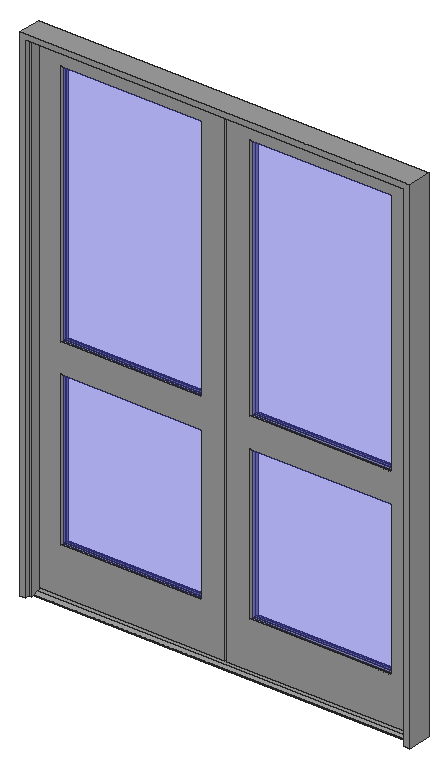
Revit family "MS-375 DOOR-Double-1-CW_v04", category Curtain Panels, Revit 2015 (continued)
Definition of nested family "MS-375 DOOR-Double-1-Panel_v03"
  Definition of nested family "MS-375 DOOR-Double-1-Section_v02"
    Definition of nested family "4 MUNTIN-DI"
      Lines and regions (in)
        detail lines, in view "Ref. Level"
          curve 6: line (0.875, 0, 0) -> (0.875, -5.5, 0)
          curve 7: line (0.875, -5.5, 0) -> (0.5, -5.5, 0)
          curve 8: line (0.5, -5.5, 0) -> (0.5, -5.21875, 0)
          curve 9: line (0.5, -5.21875, 0) -> (-0.5, -5.21875, 0)
          curve 10: line (-0.5, -5.21875, 0) -> (-0.5, -5.5, 0)
          curve 11: line (-0.5, -5.5, 0) -> (-0.875, -5.5, 0)
          curve 12: line (-0.875, -5.5, 0) -> (-0.875, 0, 0)
    Definition of nested family "6.5 MUNTIN-DI"
      Reference planes (in)
        plane 1 "Center (Front/Back)": y = 0
        plane 2: z = 0
        plane 3 "Center (Left/Right)": x = 0
      Lines and regions (in)
        detail lines, in view "Ref. Level"
          curve 1: line (-0.875, 0, 0) -> (-0.5, 0, 0)
          curve 2: line (-0.5, 0, 0) -> (-0.5, -0.28125, 0)
          curve 3: line (-0.5, -0.28125, 0) -> (0.5, -0.28125, 0)
          curve 4: line (0.5, -0.28125, 0) -> (0.5, 0, 0)
          curve 5: line (0.5, 0, 0) -> (0.875, 0, 0)
          curve 6: line (0.875, 0, 0) -> (0.875, -8, 0)
          curve 7: line (0.875, -8, 0) -> (0.5, -8, 0)
          curve 8: line (0.5, -8, 0) -> (0.5, -7.71875, 0)
          curve 9: line (0.5, -7.71875, 0) -> (-0.5, -7.71875, 0)
          curve 10: line (-0.5, -7.71875, 0) -> (-0.5, -8, 0)
          curve 11: line (-0.5, -8, 0) -> (-0.875, -8, 0)
          curve 12: line (-0.875, -8, 0) -> (-0.875, 0, 0)
    Definition of nested family "8 MUNTIN-DI"
      Reference planes (in)
        plane 1 "Center (Front/Back)": y = 0
        plane 2: z = 0
        plane 3 "Center (Left/Right)": x = 0
      Lines and regions (in)
        detail lines, in view "Ref. Level"
          curve 1: line (-0.875, 0, 0) -> (-0.5, 0, 0)
          curve 2: line (-0.5, 0, 0) -> (-0.5, -0.28125, 0)
          curve 3: line (-0.5, -0.28125, 0) -> (0.5, -0.28125, 0)
          curve 4: line (0.5, -0.28125, 0) -> (0.5, 0, 0)
          curve 5: line (0.5, 0, 0) -> (0.875, 0, 0)
          curve 6: line (0.875, 0, 0) -> (0.875, -9.5, 0)
          curve 7: line (0.875, -9.5, 0) -> (0.5, -9.5, 0)
          curve 8: line (0.5, -9.5, 0) -> (0.5, -9.21875, 0)
          curve 9: line (0.5, -9.21875, 0) -> (-0.5, -9.21875, 0)
          curve 10: line (-0.5, -9.21875, 0) -> (-0.5, -9.5, 0)
          curve 11: line (-0.5, -9.5, 0) -> (-0.875, -9.5, 0)
          curve 12: line (-0.875, -9.5, 0) -> (-0.875, 0, 0)
Definition of nested family "2.5x6-RTCIG CW-H8533-DHD-OHD SC-DI"
  Reference planes (in)
    plane 1 "Center (Front/Back)": y = 0
    plane 2: z = 0
    plane 3 "Center (Left/Right)": x = 0
  Lines and regions (in)
    Filled region 1, type "2.5x6.75-RC CW-SSA-SG-H1416-DHD-OHD SC-FINE-1", in view "Ref. Level", detail levels fine
      outline origin (0, 2.5, 0) x (1, 0, 0) y (0, 1, 0)
        loop
          line (-1.03244, -2.5) -> (-1.28244, -2.5)
          arc (-1.28244, -2.5) -> (-1.26095, -2.625) -> (-1.28244, -2.75) r 0.37439
          line (-1.28244, -2.75) -> (-1.03244, -2.75) -> (-1.03244, -2.5)
    Filled region 2, type "2.5x6.75-RC CW-SSA-SG-H1416-DHD-OHD SC-FINE-1", in view "Ref. Level", detail levels fine
      outline origin (0, 2.5, 0) x (1, 0, 0) y (0, 1, 0)
        loop
          line (2.96756, -2.5) -> (2.96756, -2.75) -> (3.21756, -2.75)
          arc (3.21756, -2.75) -> (3.19608, -2.625) -> (3.21756, -2.5) r 0.37439
          line (3.21756, -2.5) -> (2.96756, -2.5)
    Filled region 3, type "2.5x6.75-RC CW-SSA-SG-H1416-DHD-OHD SC-FINE-1", in view "Ref. Level", not visible, detail levels fine
      outline origin (0, 2.5, 0) x (1, 0, 0) y (0, 1, 0)
        loop
          line (-1.03244, -2.5) -> (-1.28244, -2.5)
          arc (-1.28244, -2.5) -> (-1.26095, -2.625) -> (-1.28244, -2.75) r 0.37439
          line (-1.28244, -2.75) -> (-1.03244, -2.75) -> (-1.03244, -2.5)
    Filled region 4, type "2.5x6.75-RC CW-SSA-SG-H1416-DHD-OHD SC-FINE-1", in view "Ref. Level", not visible, detail levels fine
      outline origin (0, 2.5, 0) x (1, 0, 0) y (0, 1, 0)
        loop
          line (2.96756, -2.5) -> (2.96756, -2.75) -> (3.21756, -2.75)
          arc (3.21756, -2.75) -> (3.19608, -2.625) -> (3.21756, -2.5) r 0.37439
          line (3.21756, -2.5) -> (2.96756, -2.5)
    detail lines, in view "Ref. Level", detail levels fine
      curve 1: arc (1.65506, -0.328, 0) -> (1.67791, -0.38315, 0) -> (1.73306, -0.406, 0) r 0.078
      curve 2: arc (0.20206, -0.406, 0) -> (0.25722, -0.38315, 0) -> (0.28006, -0.328, 0) r 0.078
      curve 3: arc (0.68756, -1.173, 0) -> (0.71506, -1.2005, 0) -> (0.74256, -1.173, 0) r 0.0275
      curve 4: arc (0.74256, -1.408, 0) -> (0.71506, -1.3805, 0) -> (0.68756, -1.408, 0) r 0.0275
      curve 5: arc (2.00056, -1, 0) -> (1.96239, -1.07442, 0) -> (2.04511, -1.062, 0) r 0.047
      curve 6: arc (0.95295, -1.053, 0) -> (1.03486, -1.07804, 0) -> (0.99956, -1, 0) r 0.047
      curve 7: line (1.73306, -0.406, 0) -> (1.98306, -0.406, 0)
      curve 8: line (1.98306, -0.406, 0) -> (1.98306, -0.375, 0)
      curve 9: line (1.98306, -0.375, 0) -> (3.09256, -0.375, 0)
      curve 10: line (3.09256, -0.375, 0) -> (3.09256, -0.875, 0)
      curve 11: line (3.09256, -0.875, 0) -> (-1.15744, -0.875, 0)
      curve 12: line (-1.15744, -0.875, 0) -> (-1.15744, -0.375, 0)
      curve 13: line (-1.15744, -0.375, 0) -> (-0.04794, -0.375, 0)
      curve 14: line (-0.04794, -0.375, 0) -> (-0.04794, -0.406, 0)
      curve 15: line (-0.04794, -0.406, 0) -> (0.20206, -0.406, 0)
      curve 16: line (0.28006, -0.328, 0) -> (0.03006, -0.328, 0)
      curve 17: line (0.03006, -0.328, 0) -> (0.03006, -0.25, 0)
      curve 18: line (0.03006, -0.25, 0) -> (-1.28244, -0.25, 0)
      curve 19: line (-1.28244, -0.25, 0) -> (-1.28244, -1, 0)
      curve 20: line (-1.28244, -1, 0) -> (3.21756, -1, 0)
      curve 21: line (3.21756, -1, 0) -> (3.21756, -0.25, 0)
      curve 22: line (3.21756, -0.25, 0) -> (1.90506, -0.25, 0)
      curve 23: line (1.90506, -0.25, 0) -> (1.90506, -0.328, 0)
      curve 24: line (1.90506, -0.328, 0) -> (1.65506, -0.328, 0)
      curve 25: line (0.74256, -1.173, 0) -> (0.74256, -1.143, 0)
      curve 26: line (0.74256, -1.143, 0) -> (0.79756, -1.143, 0)
      curve 27: line (0.79756, -1.143, 0) -> (0.79756, -1.438, 0)
      curve 28: line (0.79756, -1.438, 0) -> (0.74256, -1.438, 0)
      curve 29: line (0.74256, -1.438, 0) -> (0.74256, -1.408, 0)
      curve 30: line (0.68756, -1.408, 0) -> (0.68756, -1.5, 0)
      curve 31: line (0.68756, -1.5, 0) -> (2.31256, -1.5, 0)
      curve 32: line (2.31256, -1.5, 0) -> (2.31256, -1, 0)
      curve 33: line (2.31256, -1, 0) -> (2.00056, -1, 0)
      curve 34: line (2.04511, -1.062, 0) -> (2.25056, -1.062, 0)
      curve 35: line (2.25056, -1.062, 0) -> (2.25056, -1.438, 0)
      curve 36: line (2.25056, -1.438, 0) -> (0.85956, -1.438, 0)
      curve 37: line (0.85956, -1.438, 0) -> (0.85956, -1.053, 0)
      curve 38: line (0.85956, -1.053, 0) -> (0.95295, -1.053, 0)
      curve 39: line (0.99956, -1, 0) -> (0.79756, -1, 0)
      curve 40: line (0.79756, -1, 0) -> (0.79756, -1.081, 0)
      curve 41: line (0.79756, -1.081, 0) -> (0.74256, -1.081, 0)
      curve 42: line (0.74256, -1.081, 0) -> (0.74256, -1, 0)
      curve 43: line (0.74256, -1, 0) -> (0.68756, -1, 0)
      curve 44: line (0.68756, -1, 0) -> (0.68756, -1.173, 0)
      curve 45: line (-1.28244, 0, 0) -> (-1.28244, -1, 0)
      curve 46: line (-1.28244, -1, 0) -> (0.68756, -1, 0)
      curve 47: line (0.68756, -1, 0) -> (0.68756, -1.5, 0)
      curve 48: line (0.68756, -1.5, 0) -> (2.31256, -1.5, 0)
      curve 49: line (2.31256, -1.5, 0) -> (2.31256, -1, 0)
      curve 50: line (2.31256, -1, 0) -> (3.21756, -1, 0)
      curve 51: line (3.21756, -1, 0) -> (3.21756, 0, 0)
      curve 52: line (3.21756, 0, 0) -> (-1.28244, 0, 0)
      curve 53: arc (-1.28244, -0.25, 0) -> (-1.26095, -0.125, 0) -> (-1.28244, 0, 0) r 0.37439
      curve 54: arc (3.21756, 0, 0) -> (3.19608, -0.125, 0) -> (3.21756, -0.25, 0) r 0.37439
      curve 55: arc (1.95497, -1.14175, 0) -> (1.95619, -1.1362, 0) -> (1.95482, -1.13068, 0) r 0.0125
      curve 56: arc (1.98284, -1.14139, 0) -> (1.98406, -1.13584, 0) -> (1.9827, -1.13032, 0) r 0.0125
      curve 57: arc (1.01743, -1.13032, 0) -> (1.01607, -1.13584, 0) -> (1.01729, -1.14139, 0) r 0.0125
      curve 58: arc (1.0453, -1.13068, 0) -> (1.04394, -1.1362, 0) -> (1.04516, -1.14175, 0) r 0.0125
      curve 59: arc (1.10681, -1.025, 0) -> (1.10028, -1.02684, 0) -> (1.09567, -1.03182, 0) r 0.0125
      curve 60: arc (1.90446, -1.03183, 0) -> (1.89985, -1.02684, 0) -> (1.89332, -1.025, 0) r 0.0125
      curve 61: line (-1.03244, -0.25, 0) -> (-1.03244, 0, 0)
      curve 62: line (-1.03244, 0, 0) -> (2.96756, 0, 0)
      curve 63: line (2.96756, 0, 0) -> (2.96756, -0.25, 0)
      curve 64: line (2.96756, -0.25, 0) -> (-1.03244, -0.25, 0)
      curve 65: line (-1.03244, -0.25, 0) -> (2.96756, 0, 0)
      curve 66: line (-1.03244, 0, 0) -> (2.96756, -0.25, 0)
      curve 67: line (1.95497, -1.14175, 0) -> (1.89789, -1.26122, 0)
      curve 68: line (1.89789, -1.26122, 0) -> (1.92045, -1.272, 0)
      curve 69: line (1.92045, -1.272, 0) -> (1.98284, -1.14139, 0)
      curve 70: line (1.9827, -1.13032, 0) -> (1.92904, -1.025, 0)
      curve 71: line (1.92904, -1.025, 0) -> (1.95506, -1.025, 0)
      curve 72: line (1.95506, -1.025, 0) -> (1.95506, -1, 0)
      curve 73: line (1.95506, -1, 0) -> (1.04506, -1, 0)
      curve 74: line (1.04506, -1, 0) -> (1.04506, -1.025, 0)
      curve 75: line (1.04506, -1.025, 0) -> (1.07109, -1.025, 0)
      curve 76: line (1.07109, -1.025, 0) -> (1.01743, -1.13032, 0)
      curve 77: line (1.01729, -1.14139, 0) -> (1.07968, -1.272, 0)
      curve 78: line (1.07968, -1.272, 0) -> (1.10224, -1.26122, 0)
      curve 79: line (1.10224, -1.26122, 0) -> (1.04516, -1.14175, 0)
      curve 80: line (1.0453, -1.13068, 0) -> (1.09567, -1.03182, 0)
      curve 81: line (1.10681, -1.025, 0) -> (1.89332, -1.025, 0)
      curve 82: line (1.90446, -1.03183, 0) -> (1.95482, -1.13068, 0)
      curve 83: line (0.54796, -1.18033, 0) -> (0.56296, -1.18633, 0)
      curve 84: line (0.56296, -1.18633, 0) -> (0.57696, -1.19533, 0)
      curve 85: line (0.57696, -1.19533, 0) -> (0.60296, -1.19933, 0)
      curve 86: line (0.60296, -1.19933, 0) -> (0.62096, -1.20333, 0)
      curve 87: line (0.62096, -1.20333, 0) -> (0.65696, -1.20433, 0)
      curve 88: line (0.65696, -1.20433, 0) -> (0.67296, -1.20633, 0)
      curve 89: line (0.67296, -1.20633, 0) -> (0.69296, -1.20833, 0)
      curve 90: line (0.69296, -1.20833, 0) -> (0.69696, -1.21433, 0)
      curve 91: line (0.69696, -1.21433, 0) -> (0.70996, -1.20833, 0)
      curve 92: line (0.70996, -1.20833, 0) -> (0.69696, -1.21433, 0)
      curve 93: line (0.55396, -1.35233, 0) -> (0.58296, -1.35233, 0)
      curve 94: line (0.58296, -1.35233, 0) -> (0.60796, -1.35233, 0)
      curve 95: line (0.60796, -1.35233, 0) -> (0.62496, -1.35433, 0)
      curve 96: line (0.62496, -1.35433, 0) -> (0.65696, -1.35433, 0)
      curve 97: line (0.65696, -1.35433, 0) -> (0.67696, -1.35533, 0)
      curve 98: line (0.67696, -1.35533, 0) -> (0.70396, -1.36133, 0)
      curve 99: line (0.70396, -1.36133, 0) -> (0.67496, -1.36433, 0)
      curve 100: line (0.67496, -1.36433, 0) -> (0.68996, -1.37033, 0)
      curve 101: line (0.68996, -1.37033, 0) -> (0.67296, -1.36633, 0)
      curve 102: line (0.67296, -1.36633, 0) -> (0.65096, -1.36833, 0)
      curve 103: line (0.65096, -1.36833, 0) -> (0.58796, -1.37733, 0)
      curve 104: line (0.58796, -1.37733, 0) -> (0.60596, -1.37733, 0)
      curve 105: line (0.60596, -1.37733, 0) -> (0.61696, -1.37533, 0)
      curve 106: line (0.61696, -1.37533, 0) -> (0.63196, -1.37433, 0)
      curve 107: line (0.63196, -1.37433, 0) -> (0.65896, -1.37233, 0)
      curve 108: line (0.65896, -1.37233, 0) -> (0.67896, -1.37033, 0)
      curve 109: line (0.67896, -1.37033, 0) -> (0.65296, -1.36633, 0)
      curve 110: line (0.65296, -1.36633, 0) -> (0.62296, -1.36633, 0)
      curve 111: line (0.62296, -1.36633, 0) -> (0.58996, -1.36433, 0)
      curve 112: line (0.58996, -1.36433, 0) -> (0.54796, -1.36933, 0)
      curve 113: line (0.57196, -1.38433, 0) -> (0.58996, -1.38133, 0)
      curve 114: line (0.58996, -1.38133, 0) -> (0.54796, -1.38833, 0)
      curve 115: line (0.54796, -1.38833, 0) -> (0.57196, -1.38433, 0)
      curve 116: line (0.54996, -1.24133, 0) -> (0.56796, -1.23933, 0)
      curve 117: line (0.56796, -1.23933, 0) -> (0.58096, -1.23733, 0)
      curve 118: line (0.58096, -1.23733, 0) -> (0.59396, -1.23533, 0)
      curve 119: line (0.59396, -1.23533, 0) -> (0.61496, -1.23533, 0)
      curve 120: line (0.61496, -1.23533, 0) -> (0.62796, -1.23533, 0)
      curve 121: line (0.62796, -1.23533, 0) -> (0.65696, -1.23733, 0)
      curve 122: line (0.65696, -1.23733, 0) -> (0.67096, -1.23733, 0)
      curve 123: line (0.67096, -1.23733, 0) -> (0.67896, -1.23933, 0)
      curve 124: line (0.67896, -1.23933, 0) -> (0.69696, -1.24133, 0)
      curve 125: line (0.69696, -1.24133, 0) -> (0.71096, -1.24433, 0)
      curve 126: line (0.71096, -1.24433, 0) -> (0.72796, -1.25233, 0)
      curve 127: line (0.72796, -1.25233, 0) -> (0.74196, -1.25233, 0)
      curve 128: line (0.74196, -1.25233, 0) -> (0.72596, -1.24433, 0)
      curve 129: line (0.72596, -1.24433, 0) -> (0.71096, -1.25033, 0)
      curve 130: line (0.71096, -1.25033, 0) -> (0.70196, -1.25033, 0)
      curve 131: line (0.70196, -1.25033, 0) -> (0.68596, -1.25033, 0)
      curve 132: line (0.68596, -1.25033, 0) -> (0.67096, -1.24633, 0)
      curve 133: line (0.67096, -1.24633, 0) -> (0.65496, -1.24633, 0)
      curve 134: line (0.65496, -1.24633, 0) -> (0.62296, -1.24633, 0)
      curve 135: line (0.62296, -1.24633, 0) -> (0.60596, -1.24633, 0)
      curve 136: line (0.60596, -1.24633, 0) -> (0.59396, -1.24633, 0)
      curve 137: line (0.59396, -1.24633, 0) -> (0.54796, -1.25433, 0)
      curve 138: line (0.54996, -1.20833, 0) -> (0.56096, -1.20833, 0)
      curve 139: line (0.56096, -1.20833, 0) -> (0.58096, -1.20833, 0)
      curve 140: line (0.58096, -1.20833, 0) -> (0.59196, -1.20633, 0)
      curve 141: line (0.59196, -1.20633, 0) -> (0.59896, -1.20633, 0)
      curve 142: line (0.59896, -1.20633, 0) -> (0.60596, -1.20833, 0)
      curve 143: line (0.60596, -1.20833, 0) -> (0.62296, -1.21433, 0)
      curve 144: line (0.62296, -1.21433, 0) -> (0.65496, -1.21233, 0)
      curve 145: line (0.65496, -1.21233, 0) -> (0.66196, -1.21033, 0)
      curve 146: line (0.66196, -1.21033, 0) -> (0.67096, -1.21233, 0)
      curve 147: line (0.67096, -1.21233, 0) -> (0.68096, -1.21233, 0)
      curve 148: line (0.68096, -1.21233, 0) -> (0.68996, -1.21233, 0)
      curve 149: line (0.74596, -1.21033, 0) -> (0.73496, -1.21033, 0)
      curve 150: line (0.73496, -1.21033, 0) -> (0.74196, -1.21033, 0)
      curve 151: line (0.74196, -1.21033, 0) -> (0.75296, -1.21033, 0)
      curve 152: line (0.75296, -1.21033, 0) -> (0.76396, -1.21033, 0)
      curve 153: line (0.76396, -1.21033, 0) -> (0.77496, -1.20633, 0)
      curve 154: line (0.77896, -1.20633, 0) -> (0.76796, -1.20633, 0)
      curve 155: line (0.76796, -1.20633, 0) -> (0.76096, -1.20633, 0)
      curve 156: line (0.76096, -1.20633, 0) -> (0.75296, -1.20833, 0)
      curve 157: line (0.75296, -1.20833, 0) -> (0.74596, -1.21033, 0)
      curve 158: line (0.78096, -1.27033, 0) -> (0.76996, -1.27233, 0)
      curve 159: line (0.76996, -1.27233, 0) -> (0.75496, -1.27433, 0)
      curve 160: line (0.75496, -1.27433, 0) -> (0.74396, -1.27433, 0)
      curve 161: line (0.74396, -1.27433, 0) -> (0.73496, -1.27433, 0)
      curve 162: line (0.73496, -1.27433, 0) -> (0.71496, -1.27433, 0)
      curve 163: line (0.71496, -1.27433, 0) -> (0.69696, -1.27433, 0)
      curve 164: line (0.69696, -1.27433, 0) -> (0.67496, -1.27033, 0)
      curve 165: line (0.67496, -1.27033, 0) -> (0.65696, -1.27033, 0)
      curve 166: line (0.65696, -1.27033, 0) -> (0.60996, -1.27033, 0)
      curve 167: line (0.60996, -1.27033, 0) -> (0.57396, -1.27033, 0)
      curve 168: line (0.57396, -1.27033, 0) -> (0.54796, -1.26833, 0)
      curve 169: line (0.54796, -1.26133, 0) -> (0.56796, -1.26133, 0)
      curve 170: line (0.56796, -1.26133, 0) -> (0.59696, -1.26133, 0)
      curve 171: line (0.59696, -1.26133, 0) -> (0.62496, -1.26133, 0)
      curve 172: line (0.62496, -1.26133, 0) -> (0.66796, -1.26333, 0)
      curve 173: line (0.66796, -1.26333, 0) -> (0.70096, -1.26433, 0)
      curve 174: line (0.70096, -1.26433, 0) -> (0.71896, -1.26333, 0)
      curve 175: line (0.71896, -1.26333, 0) -> (0.73296, -1.26333, 0)
      curve 176: line (0.73296, -1.26333, 0) -> (0.75096, -1.26333, 0)
      curve 177: line (0.75096, -1.26333, 0) -> (0.76096, -1.26333, 0)
      curve 178: line (0.76096, -1.26333, 0) -> (0.76796, -1.26333, 0)
      curve 179: line (0.76796, -1.26333, 0) -> (0.78096, -1.26333, 0)
      curve 180: line (0.78096, -1.25133, 0) -> (0.76996, -1.25033, 0)
      curve 181: line (0.76996, -1.25033, 0) -> (0.76196, -1.25033, 0)
      curve 182: line (0.76196, -1.25033, 0) -> (0.75096, -1.25233, 0)
      curve 183: line (0.75096, -1.25233, 0) -> (0.74196, -1.25233, 0)
      curve 184: line (0.74196, -1.25233, 0) -> (0.74996, -1.24833, 0)
      curve 185: line (0.74996, -1.24833, 0) -> (0.76396, -1.24633, 0)
      curve 186: line (0.76396, -1.24633, 0) -> (0.77496, -1.24333, 0)
      curve 187: line (0.76996, -1.22433, 0) -> (0.75496, -1.22433, 0)
      curve 188: line (0.75496, -1.22433, 0) -> (0.74196, -1.22633, 0)
      curve 189: line (0.74196, -1.22633, 0) -> (0.73296, -1.22633, 0)
      curve 190: line (0.73296, -1.22633, 0) -> (0.70996, -1.22433, 0)
      curve 191: line (0.70996, -1.22433, 0) -> (0.69896, -1.22333, 0)
      curve 192: line (0.69896, -1.22333, 0) -> (0.67696, -1.22433, 0)
      curve 193: line (0.67696, -1.22433, 0) -> (0.65296, -1.22333, 0)
      curve 194: line (0.65296, -1.22333, 0) -> (0.62296, -1.22333, 0)
      curve 195: line (0.62296, -1.22333, 0) -> (0.59896, -1.22133, 0)
      curve 196: line (0.59896, -1.22133, 0) -> (0.58096, -1.22133, 0)
      curve 197: line (0.58096, -1.22133, 0) -> (0.56096, -1.22133, 0)
      curve 198: line (0.56096, -1.22133, 0) -> (0.54796, -1.22233, 0)
      curve 199: line (0.73496, -1.21033, 0) -> (0.71896, -1.21233, 0)
      curve 200: line (0.71896, -1.21233, 0) -> (0.70996, -1.20833, 0)
      curve 201: line (0.70996, -1.20833, 0) -> (0.72396, -1.20833, 0)
      curve 202: line (0.72396, -1.20833, 0) -> (0.73296, -1.21233, 0)
      curve 203: line (0.73296, -1.37433, 0) -> (0.74396, -1.37433, 0)
      curve 204: line (0.74396, -1.37433, 0) -> (0.76096, -1.37433, 0)
      curve 205: line (0.76096, -1.37433, 0) -> (0.77296, -1.37433, 0)
      curve 206: line (0.78096, -1.37033, 0) -> (0.77096, -1.37033, 0)
      curve 207: line (0.77096, -1.37033, 0) -> (0.75496, -1.37033, 0)
      curve 208: line (0.75496, -1.37033, 0) -> (0.74796, -1.36833, 0)
      curve 209: line (0.74796, -1.36833, 0) -> (0.74096, -1.36833, 0)
      curve 210: line (0.74096, -1.36833, 0) -> (0.72996, -1.36633, 0)
      curve 211: line (0.72996, -1.36633, 0) -> (0.71496, -1.36633, 0)
      curve 212: line (0.71496, -1.36633, 0) -> (0.70396, -1.36633, 0)
      curve 213: line (0.70396, -1.36633, 0) -> (0.68996, -1.37033, 0)
      curve 214: line (0.68996, -1.37033, 0) -> (0.70596, -1.37233, 0)
      curve 215: line (0.70596, -1.37233, 0) -> (0.72096, -1.37233, 0)
      curve 216: line (0.72096, -1.37233, 0) -> (0.73296, -1.37433, 0)
      curve 217: line (0.75896, -1.35433, 0) -> (0.74796, -1.35033, 0)
      curve 218: line (0.74796, -1.35033, 0) -> (0.76396, -1.34633, 0)
      curve 219: line (0.76396, -1.34633, 0) -> (0.77296, -1.34633, 0)
      curve 220: line (0.77296, -1.34633, 0) -> (0.78096, -1.34833, 0)
      curve 221: line (0.78096, -1.34833, 0) -> (0.77296, -1.35433, 0)
      curve 222: line (0.77296, -1.35433, 0) -> (0.76596, -1.35433, 0)
      curve 223: line (0.76596, -1.35433, 0) -> (0.75896, -1.35433, 0)
      curve 224: line (0.54796, -1.31033, 0) -> (0.55896, -1.31033, 0)
      curve 225: line (0.55896, -1.31033, 0) -> (0.58796, -1.30833, 0)
      curve 226: line (0.58796, -1.30833, 0) -> (0.61496, -1.30833, 0)
      curve 227: line (0.61496, -1.30833, 0) -> (0.62796, -1.30833, 0)
      curve 228: line (0.62796, -1.30833, 0) -> (0.66196, -1.31033, 0)
      curve 229: line (0.66196, -1.31033, 0) -> (0.68096, -1.31233, 0)
      curve 230: line (0.68096, -1.31233, 0) -> (0.69896, -1.31433, 0)
      curve 231: line (0.69896, -1.31433, 0) -> (0.72096, -1.31433, 0)
      curve 232: line (0.72096, -1.31433, 0) -> (0.73696, -1.31433, 0)
      curve 233: line (0.73696, -1.31433, 0) -> (0.75896, -1.31433, 0)
      curve 234: line (0.75896, -1.31433, 0) -> (0.76596, -1.31433, 0)
      curve 235: line (0.76596, -1.31433, 0) -> (0.77896, -1.31033, 0)
      curve 236: line (0.54796, -1.32333, 0) -> (0.57896, -1.32133, 0)
      curve 237: line (0.57896, -1.32133, 0) -> (0.60496, -1.31933, 0)
      curve 238: line (0.60496, -1.31933, 0) -> (0.61896, -1.31933, 0)
      curve 239: line (0.61896, -1.31933, 0) -> (0.66196, -1.31933, 0)
      curve 240: line (0.66196, -1.31933, 0) -> (0.67696, -1.32133, 0)
      curve 241: line (0.67696, -1.32133, 0) -> (0.70096, -1.32133, 0)
      curve 242: line (0.70096, -1.32133, 0) -> (0.71496, -1.32133, 0)
      curve 243: line (0.71496, -1.32133, 0) -> (0.73496, -1.32133, 0)
      curve 244: line (0.73496, -1.32133, 0) -> (0.75096, -1.32333, 0)
      curve 245: line (0.75096, -1.32333, 0) -> (0.76196, -1.32433, 0)
      curve 246: line (0.76196, -1.32433, 0) -> (0.77096, -1.32433, 0)
      curve 247: line (0.77096, -1.32433, 0) -> (0.78096, -1.32433, 0)
      curve 248: line (0.73296, -1.35433, 0) -> (0.74796, -1.35433, 0)
      curve 249: line (0.74796, -1.35433, 0) -> (0.72596, -1.35733, 0)
      curve 250: line (0.72596, -1.35733, 0) -> (0.73296, -1.35433, 0)
      curve 251: line (0.71296, -1.35533, 0) -> (0.70396, -1.36133, 0)
      curve 252: line (0.70396, -1.36133, 0) -> (0.72596, -1.35733, 0)
      curve 253: line (0.72596, -1.35733, 0) -> (0.71296, -1.35533, 0)
      curve 254: line (0.54796, -1.29533, 0) -> (0.57696, -1.29533, 0)
      curve 255: line (0.57696, -1.29533, 0) -> (0.60996, -1.29533, 0)
      curve 256: line (0.60996, -1.29533, 0) -> (0.65296, -1.29533, 0)
      curve 257: line (0.65296, -1.29533, 0) -> (0.67296, -1.29533, 0)
      curve 258: line (0.67296, -1.29533, 0) -> (0.69896, -1.29933, 0)
      curve 259: line (0.69896, -1.29933, 0) -> (0.70796, -1.29933, 0)
      curve 260: line (0.70796, -1.29933, 0) -> (0.72096, -1.30133, 0)
      curve 261: line (0.72096, -1.30133, 0) -> (0.73296, -1.30133, 0)
      curve 262: line (0.73296, -1.30133, 0) -> (0.74396, -1.30133, 0)
      curve 263: line (0.74396, -1.30133, 0) -> (0.75296, -1.30133, 0)
      curve 264: line (0.75296, -1.30133, 0) -> (0.76996, -1.29933, 0)
      curve 265: line (0.76996, -1.29933, 0) -> (0.77696, -1.29933, 0)
      curve 266: line (0.77696, -1.29933, 0) -> (0.77696, -1.2896, 0)
      curve 267: line (0.78096, -1.28933, 0) -> (0.76596, -1.29033, 0)
      curve 268: line (0.76596, -1.29033, 0) -> (0.75496, -1.29033, 0)
      curve 269: line (0.75496, -1.29033, 0) -> (0.74096, -1.29233, 0)
      curve 270: line (0.74096, -1.29233, 0) -> (0.70996, -1.28833, 0)
      curve 271: line (0.70996, -1.28833, 0) -> (0.69296, -1.28833, 0)
      curve 272: line (0.69296, -1.28833, 0) -> (0.67696, -1.28833, 0)
      curve 273: line (0.67696, -1.28833, 0) -> (0.66096, -1.28633, 0)
      curve 274: line (0.66096, -1.28633, 0) -> (0.62296, -1.28633, 0)
      curve 275: line (0.62296, -1.28633, 0) -> (0.60096, -1.28433, 0)
      curve 276: line (0.60096, -1.28433, 0) -> (0.56096, -1.28333, 0)
      curve 277: line (0.56096, -1.28333, 0) -> (0.54796, -1.28333, 0)
      curve 278: line (0.54796, -1.33833, 0) -> (0.57896, -1.33533, 0)
      curve 279: line (0.57896, -1.33533, 0) -> (0.61496, -1.33733, 0)
      curve 280: line (0.61496, -1.33733, 0) -> (0.65296, -1.33733, 0)
      curve 281: line (0.65296, -1.33733, 0) -> (0.67496, -1.33733, 0)
      curve 282: line (0.67496, -1.33733, 0) -> (0.69496, -1.33733, 0)
      curve 283: line (0.69496, -1.33733, 0) -> (0.70996, -1.33733, 0)
      curve 284: line (0.70996, -1.33733, 0) -> (0.72596, -1.33933, 0)
      curve 285: line (0.72596, -1.33933, 0) -> (0.73696, -1.33933, 0)
      curve 286: line (0.73696, -1.33933, 0) -> (0.74796, -1.33933, 0)
      curve 287: line (0.74796, -1.33933, 0) -> (0.75896, -1.33933, 0)
      curve 288: line (0.75896, -1.33933, 0) -> (0.77696, -1.33733, 0)
      curve 289: line (0.78096, -1.41933, 0) -> (0.78096, -1.15933, 0)
    detail lines, in view "Ref. Level", detail levels medium
      curve 290: arc (1.65506, -0.328, 0) -> (1.67791, -0.38315, 0) -> (1.73306, -0.406, 0) r 0.078
      curve 291: arc (0.20206, -0.406, 0) -> (0.25722, -0.38315, 0) -> (0.28006, -0.328, 0) r 0.078
      curve 292: arc (0.68756, -1.173, 0) -> (0.71506, -1.2005, 0) -> (0.74256, -1.173, 0) r 0.0275
      curve 293: arc (0.74256, -1.408, 0) -> (0.71506, -1.3805, 0) -> (0.68756, -1.408, 0) r 0.0275
      curve 294: arc (2.00056, -1, 0) -> (1.96239, -1.07442, 0) -> (2.04511, -1.062, 0) r 0.047
      curve 295: arc (0.95295, -1.053, 0) -> (1.03486, -1.07804, 0) -> (0.99956, -1, 0) r 0.047
      curve 296: line (1.73306, -0.406, 0) -> (1.98306, -0.406, 0)
      curve 297: line (1.98306, -0.406, 0) -> (1.98306, -0.375, 0)
      curve 298: line (1.98306, -0.375, 0) -> (3.09256, -0.375, 0)
      curve 299: line (3.09256, -0.375, 0) -> (3.09256, -0.875, 0)
      curve 300: line (3.09256, -0.875, 0) -> (-1.15744, -0.875, 0)
      curve 301: line (-1.15744, -0.875, 0) -> (-1.15744, -0.375, 0)
      curve 302: line (-1.15744, -0.375, 0) -> (-0.04794, -0.375, 0)
      curve 303: line (-0.04794, -0.375, 0) -> (-0.04794, -0.406, 0)
      curve 304: line (-0.04794, -0.406, 0) -> (0.20206, -0.406, 0)
      curve 305: line (0.28006, -0.328, 0) -> (0.03006, -0.328, 0)
      curve 306: line (0.03006, -0.328, 0) -> (0.03006, -0.25, 0)
      curve 307: line (0.03006, -0.25, 0) -> (-1.28244, -0.25, 0)
      curve 308: line (-1.28244, -0.25, 0) -> (-1.28244, -1, 0)
      curve 309: line (-1.28244, -1, 0) -> (3.21756, -1, 0)
      curve 310: line (3.21756, -1, 0) -> (3.21756, -0.25, 0)
      curve 311: line (3.21756, -0.25, 0) -> (1.90506, -0.25, 0)
      curve 312: line (1.90506, -0.25, 0) -> (1.90506, -0.328, 0)
      curve 313: line (1.90506, -0.328, 0) -> (1.65506, -0.328, 0)
      curve 314: line (0.74256, -1.173, 0) -> (0.74256, -1.143, 0)
      curve 315: line (0.74256, -1.143, 0) -> (0.79756, -1.143, 0)
      curve 316: line (0.79756, -1.143, 0) -> (0.79756, -1.438, 0)
      curve 317: line (0.79756, -1.438, 0) -> (0.74256, -1.438, 0)
      curve 318: line (0.74256, -1.438, 0) -> (0.74256, -1.408, 0)
      curve 319: line (0.68756, -1.408, 0) -> (0.68756, -1.5, 0)
      curve 320: line (0.68756, -1.5, 0) -> (2.31256, -1.5, 0)
      curve 321: line (2.31256, -1.5, 0) -> (2.31256, -1, 0)
      curve 322: line (2.31256, -1, 0) -> (2.00056, -1, 0)
      curve 323: line (2.04511, -1.062, 0) -> (2.25056, -1.062, 0)
      curve 324: line (2.25056, -1.062, 0) -> (2.25056, -1.438, 0)
      curve 325: line (2.25056, -1.438, 0) -> (0.85956, -1.438, 0)
      curve 326: line (0.85956, -1.438, 0) -> (0.85956, -1.053, 0)
      curve 327: line (0.85956, -1.053, 0) -> (0.95295, -1.053, 0)
      curve 328: line (0.99956, -1, 0) -> (0.79756, -1, 0)
      curve 329: line (0.79756, -1, 0) -> (0.79756, -1.081, 0)
      curve 330: line (0.79756, -1.081, 0) -> (0.74256, -1.081, 0)
      curve 331: line (0.74256, -1.081, 0) -> (0.74256, -1, 0)
      curve 332: line (0.74256, -1, 0) -> (0.68756, -1, 0)
      curve 333: line (0.68756, -1, 0) -> (0.68756, -1.173, 0)
      curve 334: line (-1.28244, 0, 0) -> (-1.28244, -1, 0)
      curve 335: line (-1.28244, -1, 0) -> (0.68756, -1, 0)
      curve 336: line (0.68756, -1, 0) -> (0.68756, -1.5, 0)
      curve 337: line (0.68756, -1.5, 0) -> (2.31256, -1.5, 0)
      curve 338: line (2.31256, -1.5, 0) -> (2.31256, -1, 0)
      curve 339: line (2.31256, -1, 0) -> (3.21756, -1, 0)
      curve 340: line (3.21756, -1, 0) -> (3.21756, 0, 0)
      curve 341: line (3.21756, 0, 0) -> (-1.28244, 0, 0)
    detail lines, in view "Ref. Level", not visible, detail levels fine
      curve 342: arc (1.65506, -0.328, 0) -> (1.67791, -0.38315, 0) -> (1.73306, -0.406, 0) r 0.078
      curve 343: arc (0.20206, -0.406, 0) -> (0.25722, -0.38315, 0) -> (0.28006, -0.328, 0) r 0.078
      curve 344: arc (0.68756, -1.173, 0) -> (0.71506, -1.2005, 0) -> (0.74256, -1.173, 0) r 0.0275
      curve 345: arc (0.74256, -1.408, 0) -> (0.71506, -1.3805, 0) -> (0.68756, -1.408, 0) r 0.0275
      curve 346: arc (2.00056, -1, 0) -> (1.96239, -1.07442, 0) -> (2.04511, -1.062, 0) r 0.047
      curve 347: arc (0.95295, -1.053, 0) -> (1.03486, -1.07804, 0) -> (0.99956, -1, 0) r 0.047
      curve 348: line (1.73306, -0.406, 0) -> (1.98306, -0.406, 0)
      curve 349: line (1.98306, -0.406, 0) -> (1.98306, -0.375, 0)
      curve 350: line (1.98306, -0.375, 0) -> (3.09256, -0.375, 0)
      curve 351: line (3.09256, -0.375, 0) -> (3.09256, -0.875, 0)
      curve 352: line (3.09256, -0.875, 0) -> (-1.15744, -0.875, 0)
      curve 353: line (-1.15744, -0.875, 0) -> (-1.15744, -0.375, 0)
      curve 354: line (-1.15744, -0.375, 0) -> (-0.04794, -0.375, 0)
      curve 355: line (-0.04794, -0.375, 0) -> (-0.04794, -0.406, 0)
      curve 356: line (-0.04794, -0.406, 0) -> (0.20206, -0.406, 0)
      curve 357: line (0.28006, -0.328, 0) -> (0.03006, -0.328, 0)
      curve 358: line (0.03006, -0.328, 0) -> (0.03006, -0.25, 0)
      curve 359: line (0.03006, -0.25, 0) -> (-1.28244, -0.25, 0)
      curve 360: line (-1.28244, -0.25, 0) -> (-1.28244, -1, 0)
      curve 361: line (-1.28244, -1, 0) -> (3.21756, -1, 0)
      curve 362: line (3.21756, -1, 0) -> (3.21756, -0.25, 0)
      curve 363: line (3.21756, -0.25, 0) -> (1.90506, -0.25, 0)
      curve 364: line (1.90506, -0.25, 0) -> (1.90506, -0.328, 0)
      curve 365: line (1.90506, -0.328, 0) -> (1.65506, -0.328, 0)
      curve 366: line (0.74256, -1.173, 0) -> (0.74256, -1.143, 0)
      curve 367: line (0.74256, -1.143, 0) -> (0.79756, -1.143, 0)
      curve 368: line (0.79756, -1.143, 0) -> (0.79756, -1.438, 0)
      curve 369: line (0.79756, -1.438, 0) -> (0.74256, -1.438, 0)
      curve 370: line (0.74256, -1.438, 0) -> (0.74256, -1.408, 0)
      curve 371: line (0.68756, -1.408, 0) -> (0.68756, -1.5, 0)
      curve 372: line (0.68756, -1.5, 0) -> (2.31256, -1.5, 0)
      curve 373: line (2.31256, -1.5, 0) -> (2.31256, -1, 0)
      curve 374: line (2.31256, -1, 0) -> (2.00056, -1, 0)
      curve 375: line (2.04511, -1.062, 0) -> (2.25056, -1.062, 0)
      curve 376: line (2.25056, -1.062, 0) -> (2.25056, -1.438, 0)
      curve 377: line (2.25056, -1.438, 0) -> (0.85956, -1.438, 0)
      curve 378: line (0.85956, -1.438, 0) -> (0.85956, -1.053, 0)
      curve 379: line (0.85956, -1.053, 0) -> (0.95295, -1.053, 0)
      curve 380: line (0.99956, -1, 0) -> (0.79756, -1, 0)
      curve 381: line (0.79756, -1, 0) -> (0.79756, -1.081, 0)
      curve 382: line (0.79756, -1.081, 0) -> (0.74256, -1.081, 0)
      curve 383: line (0.74256, -1.081, 0) -> (0.74256, -1, 0)
      curve 384: line (0.74256, -1, 0) -> (0.68756, -1, 0)
      curve 385: line (0.68756, -1, 0) -> (0.68756, -1.173, 0)
      curve 386: line (-1.28244, 0, 0) -> (-1.28244, -1, 0)
      curve 387: line (-1.28244, -1, 0) -> (0.68756, -1, 0)
      curve 388: line (0.68756, -1, 0) -> (0.68756, -1.5, 0)
      curve 389: line (0.68756, -1.5, 0) -> (2.31256, -1.5, 0)
      curve 390: line (2.31256, -1.5, 0) -> (2.31256, -1, 0)
      curve 391: line (2.31256, -1, 0) -> (3.21756, -1, 0)
      curve 392: line (3.21756, -1, 0) -> (3.21756, 0, 0)
      curve 393: line (3.21756, 0, 0) -> (-1.28244, 0, 0)
      curve 394: arc (-1.28244, -0.25, 0) -> (-1.26095, -0.125, 0) -> (-1.28244, 0, 0) r 0.37439
      curve 395: arc (3.21756, 0, 0) -> (3.19608, -0.125, 0) -> (3.21756, -0.25, 0) r 0.37439
      curve 396: arc (1.95497, -1.14175, 0) -> (1.95619, -1.1362, 0) -> (1.95482, -1.13068, 0) r 0.0125
      curve 397: arc (1.98284, -1.14139, 0) -> (1.98406, -1.13584, 0) -> (1.9827, -1.13032, 0) r 0.0125
      curve 398: arc (1.01743, -1.13032, 0) -> (1.01607, -1.13584, 0) -> (1.01729, -1.14139, 0) r 0.0125
      curve 399: arc (1.0453, -1.13068, 0) -> (1.04394, -1.1362, 0) -> (1.04516, -1.14175, 0) r 0.0125
      curve 400: arc (1.10681, -1.025, 0) -> (1.10028, -1.02684, 0) -> (1.09567, -1.03182, 0) r 0.0125
      curve 401: arc (1.90446, -1.03183, 0) -> (1.89985, -1.02684, 0) -> (1.89332, -1.025, 0) r 0.0125
      curve 402: line (-1.03244, -0.25, 0) -> (-1.03244, 0, 0)
      curve 403: line (-1.03244, 0, 0) -> (2.96756, 0, 0)
      curve 404: line (2.96756, 0, 0) -> (2.96756, -0.25, 0)
      curve 405: line (2.96756, -0.25, 0) -> (-1.03244, -0.25, 0)
      curve 406: line (-1.03244, -0.25, 0) -> (2.96756, 0, 0)
      curve 407: line (-1.03244, 0, 0) -> (2.96756, -0.25, 0)
      curve 408: line (1.95497, -1.14175, 0) -> (1.89789, -1.26122, 0)
      curve 409: line (1.89789, -1.26122, 0) -> (1.92045, -1.272, 0)
      curve 410: line (1.92045, -1.272, 0) -> (1.98284, -1.14139, 0)
      curve 411: line (1.9827, -1.13032, 0) -> (1.92904, -1.025, 0)
      curve 412: line (1.92904, -1.025, 0) -> (1.95506, -1.025, 0)
      curve 413: line (1.95506, -1.025, 0) -> (1.95506, -1, 0)
      curve 414: line (1.95506, -1, 0) -> (1.04506, -1, 0)
      curve 415: line (1.04506, -1, 0) -> (1.04506, -1.025, 0)
      curve 416: line (1.04506, -1.025, 0) -> (1.07109, -1.025, 0)
      curve 417: line (1.07109, -1.025, 0) -> (1.01743, -1.13032, 0)
      curve 418: line (1.01729, -1.14139, 0) -> (1.07968, -1.272, 0)
      curve 419: line (1.07968, -1.272, 0) -> (1.10224, -1.26122, 0)
      curve 420: line (1.10224, -1.26122, 0) -> (1.04516, -1.14175, 0)
      curve 421: line (1.0453, -1.13068, 0) -> (1.09567, -1.03182, 0)
      curve 422: line (1.10681, -1.025, 0) -> (1.89332, -1.025, 0)
      curve 423: line (1.90446, -1.03183, 0) -> (1.95482, -1.13068, 0)
      curve 424: line (0.54796, -1.18033, 0) -> (0.56296, -1.18633, 0)
      curve 425: line (0.56296, -1.18633, 0) -> (0.57696, -1.19533, 0)
      curve 426: line (0.57696, -1.19533, 0) -> (0.60296, -1.19933, 0)
      curve 427: line (0.60296, -1.19933, 0) -> (0.62096, -1.20333, 0)
      curve 428: line (0.62096, -1.20333, 0) -> (0.65696, -1.20433, 0)
      curve 429: line (0.65696, -1.20433, 0) -> (0.67296, -1.20633, 0)
      curve 430: line (0.67296, -1.20633, 0) -> (0.69296, -1.20833, 0)
      curve 431: line (0.69296, -1.20833, 0) -> (0.69696, -1.21433, 0)
      curve 432: line (0.69696, -1.21433, 0) -> (0.70996, -1.20833, 0)
      curve 433: line (0.70996, -1.20833, 0) -> (0.69696, -1.21433, 0)
      curve 434: line (0.55396, -1.35233, 0) -> (0.58296, -1.35233, 0)
      curve 435: line (0.58296, -1.35233, 0) -> (0.60796, -1.35233, 0)
      curve 436: line (0.60796, -1.35233, 0) -> (0.62496, -1.35433, 0)
      curve 437: line (0.62496, -1.35433, 0) -> (0.65696, -1.35433, 0)
      curve 438: line (0.65696, -1.35433, 0) -> (0.67696, -1.35533, 0)
      curve 439: line (0.67696, -1.35533, 0) -> (0.70396, -1.36133, 0)
      curve 440: line (0.70396, -1.36133, 0) -> (0.67496, -1.36433, 0)
      curve 441: line (0.67496, -1.36433, 0) -> (0.68996, -1.37033, 0)
      curve 442: line (0.68996, -1.37033, 0) -> (0.67296, -1.36633, 0)
      curve 443: line (0.67296, -1.36633, 0) -> (0.65096, -1.36833, 0)
      curve 444: line (0.65096, -1.36833, 0) -> (0.58796, -1.37733, 0)
      curve 445: line (0.58796, -1.37733, 0) -> (0.60596, -1.37733, 0)
      curve 446: line (0.60596, -1.37733, 0) -> (0.61696, -1.37533, 0)
      curve 447: line (0.61696, -1.37533, 0) -> (0.63196, -1.37433, 0)
      curve 448: line (0.63196, -1.37433, 0) -> (0.65896, -1.37233, 0)
      curve 449: line (0.65896, -1.37233, 0) -> (0.67896, -1.37033, 0)
      curve 450: line (0.67896, -1.37033, 0) -> (0.65296, -1.36633, 0)
      curve 451: line (0.65296, -1.36633, 0) -> (0.62296, -1.36633, 0)
      curve 452: line (0.62296, -1.36633, 0) -> (0.58996, -1.36433, 0)
      curve 453: line (0.58996, -1.36433, 0) -> (0.54796, -1.36933, 0)
      curve 454: line (0.57196, -1.38433, 0) -> (0.58996, -1.38133, 0)
      curve 455: line (0.58996, -1.38133, 0) -> (0.54796, -1.38833, 0)
      curve 456: line (0.54796, -1.38833, 0) -> (0.57196, -1.38433, 0)
      curve 457: line (0.54996, -1.24133, 0) -> (0.56796, -1.23933, 0)
      curve 458: line (0.56796, -1.23933, 0) -> (0.58096, -1.23733, 0)
      curve 459: line (0.58096, -1.23733, 0) -> (0.59396, -1.23533, 0)
      curve 460: line (0.59396, -1.23533, 0) -> (0.61496, -1.23533, 0)
      curve 461: line (0.61496, -1.23533, 0) -> (0.62796, -1.23533, 0)
      curve 462: line (0.62796, -1.23533, 0) -> (0.65696, -1.23733, 0)
      curve 463: line (0.65696, -1.23733, 0) -> (0.67096, -1.23733, 0)
      curve 464: line (0.67096, -1.23733, 0) -> (0.67896, -1.23933, 0)
      curve 465: line (0.67896, -1.23933, 0) -> (0.69696, -1.24133, 0)
      curve 466: line (0.69696, -1.24133, 0) -> (0.71096, -1.24433, 0)
      curve 467: line (0.71096, -1.24433, 0) -> (0.72796, -1.25233, 0)
      curve 468: line (0.72796, -1.25233, 0) -> (0.74196, -1.25233, 0)
      curve 469: line (0.74196, -1.25233, 0) -> (0.72596, -1.24433, 0)
      curve 470: line (0.72596, -1.24433, 0) -> (0.71096, -1.25033, 0)
      curve 471: line (0.71096, -1.25033, 0) -> (0.70196, -1.25033, 0)
      curve 472: line (0.70196, -1.25033, 0) -> (0.68596, -1.25033, 0)
      curve 473: line (0.68596, -1.25033, 0) -> (0.67096, -1.24633, 0)
      curve 474: line (0.67096, -1.24633, 0) -> (0.65496, -1.24633, 0)
      curve 475: line (0.65496, -1.24633, 0) -> (0.62296, -1.24633, 0)
      curve 476: line (0.62296, -1.24633, 0) -> (0.60596, -1.24633, 0)
      curve 477: line (0.60596, -1.24633, 0) -> (0.59396, -1.24633, 0)
      curve 478: line (0.59396, -1.24633, 0) -> (0.54796, -1.25433, 0)
      curve 479: line (0.54996, -1.20833, 0) -> (0.56096, -1.20833, 0)
      curve 480: line (0.56096, -1.20833, 0) -> (0.58096, -1.20833, 0)
      curve 481: line (0.58096, -1.20833, 0) -> (0.59196, -1.20633, 0)
      curve 482: line (0.59196, -1.20633, 0) -> (0.59896, -1.20633, 0)
      curve 483: line (0.59896, -1.20633, 0) -> (0.60596, -1.20833, 0)
      curve 484: line (0.60596, -1.20833, 0) -> (0.62296, -1.21433, 0)
      curve 485: line (0.62296, -1.21433, 0) -> (0.65496, -1.21233, 0)
      curve 486: line (0.65496, -1.21233, 0) -> (0.66196, -1.21033, 0)
      curve 487: line (0.66196, -1.21033, 0) -> (0.67096, -1.21233, 0)
      curve 488: line (0.67096, -1.21233, 0) -> (0.68096, -1.21233, 0)
      curve 489: line (0.68096, -1.21233, 0) -> (0.68996, -1.21233, 0)
      curve 490: line (0.74596, -1.21033, 0) -> (0.73496, -1.21033, 0)
      curve 491: line (0.73496, -1.21033, 0) -> (0.74196, -1.21033, 0)
      curve 492: line (0.74196, -1.21033, 0) -> (0.75296, -1.21033, 0)
      curve 493: line (0.75296, -1.21033, 0) -> (0.76396, -1.21033, 0)
      curve 494: line (0.76396, -1.21033, 0) -> (0.77496, -1.20633, 0)
      curve 495: line (0.77896, -1.20633, 0) -> (0.76796, -1.20633, 0)
      curve 496: line (0.76796, -1.20633, 0) -> (0.76096, -1.20633, 0)
      curve 497: line (0.76096, -1.20633, 0) -> (0.75296, -1.20833, 0)
      curve 498: line (0.75296, -1.20833, 0) -> (0.74596, -1.21033, 0)
      curve 499: line (0.78096, -1.27033, 0) -> (0.76996, -1.27233, 0)
      curve 500: line (0.76996, -1.27233, 0) -> (0.75496, -1.27433, 0)
      curve 501: line (0.75496, -1.27433, 0) -> (0.74396, -1.27433, 0)
      curve 502: line (0.74396, -1.27433, 0) -> (0.73496, -1.27433, 0)
      curve 503: line (0.73496, -1.27433, 0) -> (0.71496, -1.27433, 0)
      curve 504: line (0.71496, -1.27433, 0) -> (0.69696, -1.27433, 0)
      curve 505: line (0.69696, -1.27433, 0) -> (0.67496, -1.27033, 0)
      curve 506: line (0.67496, -1.27033, 0) -> (0.65696, -1.27033, 0)
      curve 507: line (0.65696, -1.27033, 0) -> (0.60996, -1.27033, 0)
      curve 508: line (0.60996, -1.27033, 0) -> (0.57396, -1.27033, 0)
      curve 509: line (0.57396, -1.27033, 0) -> (0.54796, -1.26833, 0)
      curve 510: line (0.54796, -1.26133, 0) -> (0.56796, -1.26133, 0)
      curve 511: line (0.56796, -1.26133, 0) -> (0.59696, -1.26133, 0)
      curve 512: line (0.59696, -1.26133, 0) -> (0.62496, -1.26133, 0)
      curve 513: line (0.62496, -1.26133, 0) -> (0.66796, -1.26333, 0)
      curve 514: line (0.66796, -1.26333, 0) -> (0.70096, -1.26433, 0)
      curve 515: line (0.70096, -1.26433, 0) -> (0.71896, -1.26333, 0)
      curve 516: line (0.71896, -1.26333, 0) -> (0.73296, -1.26333, 0)
      curve 517: line (0.73296, -1.26333, 0) -> (0.75096, -1.26333, 0)
      curve 518: line (0.75096, -1.26333, 0) -> (0.76096, -1.26333, 0)
      curve 519: line (0.76096, -1.26333, 0) -> (0.76796, -1.26333, 0)
      curve 520: line (0.76796, -1.26333, 0) -> (0.78096, -1.26333, 0)
      curve 521: line (0.78096, -1.25133, 0) -> (0.76996, -1.25033, 0)
      curve 522: line (0.76996, -1.25033, 0) -> (0.76196, -1.25033, 0)
      curve 523: line (0.76196, -1.25033, 0) -> (0.75096, -1.25233, 0)
      curve 524: line (0.75096, -1.25233, 0) -> (0.74196, -1.25233, 0)
      curve 525: line (0.74196, -1.25233, 0) -> (0.74996, -1.24833, 0)
      curve 526: line (0.74996, -1.24833, 0) -> (0.76396, -1.24633, 0)
      curve 527: line (0.76396, -1.24633, 0) -> (0.77496, -1.24333, 0)
      curve 528: line (0.76996, -1.22433, 0) -> (0.75496, -1.22433, 0)
      curve 529: line (0.75496, -1.22433, 0) -> (0.74196, -1.22633, 0)
      curve 530: line (0.74196, -1.22633, 0) -> (0.73296, -1.22633, 0)
      curve 531: line (0.73296, -1.22633, 0) -> (0.70996, -1.22433, 0)
      curve 532: line (0.70996, -1.22433, 0) -> (0.69896, -1.22333, 0)
      curve 533: line (0.69896, -1.22333, 0) -> (0.67696, -1.22433, 0)
      curve 534: line (0.67696, -1.22433, 0) -> (0.65296, -1.22333, 0)
      curve 535: line (0.65296, -1.22333, 0) -> (0.62296, -1.22333, 0)
      curve 536: line (0.62296, -1.22333, 0) -> (0.59896, -1.22133, 0)
      curve 537: line (0.59896, -1.22133, 0) -> (0.58096, -1.22133, 0)
      curve 538: line (0.58096, -1.22133, 0) -> (0.56096, -1.22133, 0)
      curve 539: line (0.56096, -1.22133, 0) -> (0.54796, -1.22233, 0)
      curve 540: line (0.73496, -1.21033, 0) -> (0.71896, -1.21233, 0)
      curve 541: line (0.71896, -1.21233, 0) -> (0.70996, -1.20833, 0)
      curve 542: line (0.70996, -1.20833, 0) -> (0.72396, -1.20833, 0)
      curve 543: line (0.72396, -1.20833, 0) -> (0.73296, -1.21233, 0)
      curve 544: line (0.73296, -1.37433, 0) -> (0.74396, -1.37433, 0)
      curve 545: line (0.74396, -1.37433, 0) -> (0.76096, -1.37433, 0)
      curve 546: line (0.76096, -1.37433, 0) -> (0.77296, -1.37433, 0)
      curve 547: line (0.78096, -1.37033, 0) -> (0.77096, -1.37033, 0)
      curve 548: line (0.77096, -1.37033, 0) -> (0.75496, -1.37033, 0)
      curve 549: line (0.75496, -1.37033, 0) -> (0.74796, -1.36833, 0)
      curve 550: line (0.74796, -1.36833, 0) -> (0.74096, -1.36833, 0)
      curve 551: line (0.74096, -1.36833, 0) -> (0.72996, -1.36633, 0)
      curve 552: line (0.72996, -1.36633, 0) -> (0.71496, -1.36633, 0)
      curve 553: line (0.71496, -1.36633, 0) -> (0.70396, -1.36633, 0)
      curve 554: line (0.70396, -1.36633, 0) -> (0.68996, -1.37033, 0)
      curve 555: line (0.68996, -1.37033, 0) -> (0.70596, -1.37233, 0)
      curve 556: line (0.70596, -1.37233, 0) -> (0.72096, -1.37233, 0)
      curve 557: line (0.72096, -1.37233, 0) -> (0.73296, -1.37433, 0)
      curve 558: line (0.75896, -1.35433, 0) -> (0.74796, -1.35033, 0)
      curve 559: line (0.74796, -1.35033, 0) -> (0.76396, -1.34633, 0)
      curve 560: line (0.76396, -1.34633, 0) -> (0.77296, -1.34633, 0)
      curve 561: line (0.77296, -1.34633, 0) -> (0.78096, -1.34833, 0)
      curve 562: line (0.78096, -1.34833, 0) -> (0.77296, -1.35433, 0)
      curve 563: line (0.77296, -1.35433, 0) -> (0.76596, -1.35433, 0)
      curve 564: line (0.76596, -1.35433, 0) -> (0.75896, -1.35433, 0)
      curve 565: line (0.54796, -1.31033, 0) -> (0.55896, -1.31033, 0)
      curve 566: line (0.55896, -1.31033, 0) -> (0.58796, -1.30833, 0)
      curve 567: line (0.58796, -1.30833, 0) -> (0.61496, -1.30833, 0)
      curve 568: line (0.61496, -1.30833, 0) -> (0.62796, -1.30833, 0)
      curve 569: line (0.62796, -1.30833, 0) -> (0.66196, -1.31033, 0)
      curve 570: line (0.66196, -1.31033, 0) -> (0.68096, -1.31233, 0)
      curve 571: line (0.68096, -1.31233, 0) -> (0.69896, -1.31433, 0)
      curve 572: line (0.69896, -1.31433, 0) -> (0.72096, -1.31433, 0)
      curve 573: line (0.72096, -1.31433, 0) -> (0.73696, -1.31433, 0)
      curve 574: line (0.73696, -1.31433, 0) -> (0.75896, -1.31433, 0)
      curve 575: line (0.75896, -1.31433, 0) -> (0.76596, -1.31433, 0)
      curve 576: line (0.76596, -1.31433, 0) -> (0.77896, -1.31033, 0)
      curve 577: line (0.54796, -1.32333, 0) -> (0.57896, -1.32133, 0)
      curve 578: line (0.57896, -1.32133, 0) -> (0.60496, -1.31933, 0)
      curve 579: line (0.60496, -1.31933, 0) -> (0.61896, -1.31933, 0)
      curve 580: line (0.61896, -1.31933, 0) -> (0.66196, -1.31933, 0)
      curve 581: line (0.66196, -1.31933, 0) -> (0.67696, -1.32133, 0)
      curve 582: line (0.67696, -1.32133, 0) -> (0.70096, -1.32133, 0)
      curve 583: line (0.70096, -1.32133, 0) -> (0.71496, -1.32133, 0)
      curve 584: line (0.71496, -1.32133, 0) -> (0.73496, -1.32133, 0)
      curve 585: line (0.73496, -1.32133, 0) -> (0.75096, -1.32333, 0)
      curve 586: line (0.75096, -1.32333, 0) -> (0.76196, -1.32433, 0)
      curve 587: line (0.76196, -1.32433, 0) -> (0.77096, -1.32433, 0)
      curve 588: line (0.77096, -1.32433, 0) -> (0.78096, -1.32433, 0)
      curve 589: line (0.73296, -1.35433, 0) -> (0.74796, -1.35433, 0)
      curve 590: line (0.74796, -1.35433, 0) -> (0.72596, -1.35733, 0)
      curve 591: line (0.72596, -1.35733, 0) -> (0.73296, -1.35433, 0)
      curve 592: line (0.71296, -1.35533, 0) -> (0.70396, -1.36133, 0)
      curve 593: line (0.70396, -1.36133, 0) -> (0.72596, -1.35733, 0)
      curve 594: line (0.72596, -1.35733, 0) -> (0.71296, -1.35533, 0)
      curve 595: line (0.54796, -1.29533, 0) -> (0.57696, -1.29533, 0)
      curve 596: line (0.57696, -1.29533, 0) -> (0.60996, -1.29533, 0)
      curve 597: line (0.60996, -1.29533, 0) -> (0.65296, -1.29533, 0)
      curve 598: line (0.65296, -1.29533, 0) -> (0.67296, -1.29533, 0)
      curve 599: line (0.67296, -1.29533, 0) -> (0.69896, -1.29933, 0)
      curve 600: line (0.69896, -1.29933, 0) -> (0.70796, -1.29933, 0)
      curve 601: line (0.70796, -1.29933, 0) -> (0.72096, -1.30133, 0)
      curve 602: line (0.72096, -1.30133, 0) -> (0.73296, -1.30133, 0)
      curve 603: line (0.73296, -1.30133, 0) -> (0.74396, -1.30133, 0)
      curve 604: line (0.74396, -1.30133, 0) -> (0.75296, -1.30133, 0)
      curve 605: line (0.75296, -1.30133, 0) -> (0.76996, -1.29933, 0)
      curve 606: line (0.76996, -1.29933, 0) -> (0.77696, -1.29933, 0)
      curve 607: line (0.77696, -1.29933, 0) -> (0.77696, -1.2896, 0)
      curve 608: line (0.78096, -1.28933, 0) -> (0.76596, -1.29033, 0)
      curve 609: line (0.76596, -1.29033, 0) -> (0.75496, -1.29033, 0)
      curve 610: line (0.75496, -1.29033, 0) -> (0.74096, -1.29233, 0)
      curve 611: line (0.74096, -1.29233, 0) -> (0.70996, -1.28833, 0)
      curve 612: line (0.70996, -1.28833, 0) -> (0.69296, -1.28833, 0)
      curve 613: line (0.69296, -1.28833, 0) -> (0.67696, -1.28833, 0)
      curve 614: line (0.67696, -1.28833, 0) -> (0.66096, -1.28633, 0)
      curve 615: line (0.66096, -1.28633, 0) -> (0.62296, -1.28633, 0)
      curve 616: line (0.62296, -1.28633, 0) -> (0.60096, -1.28433, 0)
      curve 617: line (0.60096, -1.28433, 0) -> (0.56096, -1.28333, 0)
      curve 618: line (0.56096, -1.28333, 0) -> (0.54796, -1.28333, 0)
      curve 619: line (0.54796, -1.33833, 0) -> (0.57896, -1.33533, 0)
      curve 620: line (0.57896, -1.33533, 0) -> (0.61496, -1.33733, 0)
      curve 621: line (0.61496, -1.33733, 0) -> (0.65296, -1.33733, 0)
      curve 622: line (0.65296, -1.33733, 0) -> (0.67496, -1.33733, 0)
      curve 623: line (0.67496, -1.33733, 0) -> (0.69496, -1.33733, 0)
      curve 624: line (0.69496, -1.33733, 0) -> (0.70996, -1.33733, 0)
      curve 625: line (0.70996, -1.33733, 0) -> (0.72596, -1.33933, 0)
      curve 626: line (0.72596, -1.33933, 0) -> (0.73696, -1.33933, 0)
      curve 627: line (0.73696, -1.33933, 0) -> (0.74796, -1.33933, 0)
      curve 628: line (0.74796, -1.33933, 0) -> (0.75896, -1.33933, 0)
      curve 629: line (0.75896, -1.33933, 0) -> (0.77696, -1.33733, 0)
      curve 630: line (0.78096, -1.41933, 0) -> (0.78096, -1.15933, 0)
    detail lines, in view "Ref. Level", not visible, detail levels medium
      curve 631: arc (8.63801, -2.3397, 0) -> (8.66086, -2.39486, 0) -> (8.71601, -2.4177, 0) r 0.078
      curve 632: arc (7.18501, -2.4177, 0) -> (7.24017, -2.39486, 0) -> (7.26301, -2.3397, 0) r 0.078
      curve 633: arc (7.67051, -3.1847, 0) -> (7.69801, -3.2122, 0) -> (7.72551, -3.1847, 0) r 0.0275
      curve 634: arc (7.72551, -3.4197, 0) -> (7.69801, -3.3922, 0) -> (7.67051, -3.4197, 0) r 0.0275
      curve 635: arc (8.98351, -3.0117, 0) -> (8.94534, -3.08613, 0) -> (9.02805, -3.0737, 0) r 0.047
      curve 636: arc (7.9359, -3.0647, 0) -> (8.0178, -3.08974, 0) -> (7.98251, -3.0117, 0) r 0.047
      curve 637: line (8.71601, -2.4177, 0) -> (8.96601, -2.4177, 0)
      curve 638: line (8.96601, -2.4177, 0) -> (8.96601, -2.3867, 0)
      curve 639: line (8.96601, -2.3867, 0) -> (10.07551, -2.3867, 0)
      curve 640: line (10.07551, -2.3867, 0) -> (10.07551, -2.8867, 0)
      curve 641: line (10.07551, -2.8867, 0) -> (5.82551, -2.8867, 0)
      curve 642: line (5.82551, -2.8867, 0) -> (5.82551, -2.3867, 0)
      curve 643: line (5.82551, -2.3867, 0) -> (6.93501, -2.3867, 0)
      curve 644: line (6.93501, -2.3867, 0) -> (6.93501, -2.4177, 0)
      curve 645: line (6.93501, -2.4177, 0) -> (7.18501, -2.4177, 0)
      curve 646: line (7.26301, -2.3397, 0) -> (7.01301, -2.3397, 0)
      curve 647: line (7.01301, -2.3397, 0) -> (7.01301, -2.2617, 0)
      curve 648: line (7.01301, -2.2617, 0) -> (5.70051, -2.2617, 0)
      curve 649: line (5.70051, -2.2617, 0) -> (5.70051, -3.0117, 0)
      curve 650: line (5.70051, -3.0117, 0) -> (10.20051, -3.0117, 0)
      curve 651: line (10.20051, -3.0117, 0) -> (10.20051, -2.2617, 0)
      curve 652: line (10.20051, -2.2617, 0) -> (8.88801, -2.2617, 0)
      curve 653: line (8.88801, -2.2617, 0) -> (8.88801, -2.3397, 0)
      curve 654: line (8.88801, -2.3397, 0) -> (8.63801, -2.3397, 0)
      curve 655: line (7.72551, -3.1847, 0) -> (7.72551, -3.1547, 0)
      curve 656: line (7.72551, -3.1547, 0) -> (7.78051, -3.1547, 0)
      curve 657: line (7.78051, -3.1547, 0) -> (7.78051, -3.4497, 0)
      curve 658: line (7.78051, -3.4497, 0) -> (7.72551, -3.4497, 0)
      curve 659: line (7.72551, -3.4497, 0) -> (7.72551, -3.4197, 0)
      curve 660: line (7.67051, -3.4197, 0) -> (7.67051, -3.5117, 0)
      curve 661: line (7.67051, -3.5117, 0) -> (9.29551, -3.5117, 0)
      curve 662: line (9.29551, -3.5117, 0) -> (9.29551, -3.0117, 0)
      curve 663: line (9.29551, -3.0117, 0) -> (8.98351, -3.0117, 0)
      curve 664: line (9.02805, -3.0737, 0) -> (9.23351, -3.0737, 0)
      curve 665: line (9.23351, -3.0737, 0) -> (9.23351, -3.4497, 0)
      curve 666: line (9.23351, -3.4497, 0) -> (7.84251, -3.4497, 0)
      curve 667: line (7.84251, -3.4497, 0) -> (7.84251, -3.0647, 0)
      curve 668: line (7.84251, -3.0647, 0) -> (7.9359, -3.0647, 0)
      curve 669: line (7.98251, -3.0117, 0) -> (7.78051, -3.0117, 0)
      curve 670: line (7.78051, -3.0117, 0) -> (7.78051, -3.0927, 0)
      curve 671: line (7.78051, -3.0927, 0) -> (7.72551, -3.0927, 0)
      curve 672: line (7.72551, -3.0927, 0) -> (7.72551, -3.0117, 0)
      curve 673: line (7.72551, -3.0117, 0) -> (7.67051, -3.0117, 0)
      curve 674: line (7.67051, -3.0117, 0) -> (7.67051, -3.1847, 0)
      curve 675: line (5.70051, -2.0117, 0) -> (5.70051, -3.0117, 0)
      curve 676: line (5.70051, -3.0117, 0) -> (7.67051, -3.0117, 0)
      curve 677: line (7.67051, -3.0117, 0) -> (7.67051, -3.5117, 0)
      curve 678: line (7.67051, -3.5117, 0) -> (9.29551, -3.5117, 0)
      curve 679: line (9.29551, -3.5117, 0) -> (9.29551, -3.0117, 0)
      curve 680: line (9.29551, -3.0117, 0) -> (10.20051, -3.0117, 0)
      curve 681: line (10.20051, -3.0117, 0) -> (10.20051, -2.0117, 0)
      curve 682: line (10.20051, -2.0117, 0) -> (5.70051, -2.0117, 0)
  Dimensions and locks (in)
    aligned and locked: curve 334 to curve 45
    aligned and locked: import instance to curve 340
    aligned and locked: import instance to plane 1 "Center (Front/Back)"
